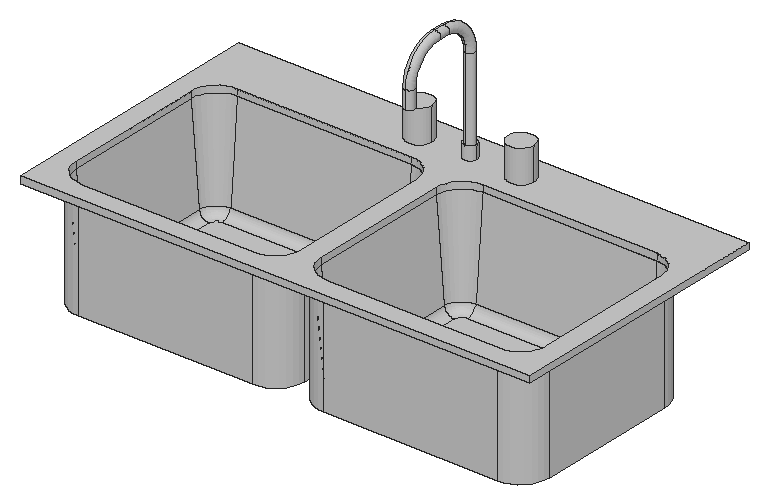
Revit family "M_Pia da cozinha-Dupla", category Peças hidrossanitárias, Revit 2019
Family settings
  Cota do conector redondo = Utilizar diâmetro
  Tipo de parte = Normal
  Número OmniClass = 23.45.05.14.14
  Título OmniClass = Sinks/Lavatories
  ID de item do Seek = Sink Kitchen-Double-0000-CAN-ENU
  Com base no plano de trabalho = Não
  Sempre na vertical = Sim
  Corte com vazios quando carregada = Não
  Compartilhado = Sim
  Ponto de cálculo do ambiente = Não
Parameters (values of type "1000 x 535mm")
  Altura do balcão [instance] = 900 mm
  Linear = 535 mm
  Material hidráulico = Aço, Polido
  Material da pia = Aço, Polido
  Largura = 1000 mm
Reference planes
  plane 1 "Centro (Frente/Trás)": y = -35.755
  plane 2: z = 0
  plane 3 "Centro (Esquerda/Direita)": x = 15.689
  plane 4: y = 269.845
  plane 5: y = -265.155
  plane 6: x = -484.311
  plane 7: x = 515.689
  plane 8 "Topo do balcão": z = 900
  plane 9: z = 912.7
  plane 10: z = 684.1
  plane 11: y = 155.545
  plane 12: x = -446.211
  plane 13: y = -227.055
  plane 14: x = 477.589
  plane 15: x = -84.311
  plane 16: x = 115.689
  plane 17: y = 212.695
  plane 18: y = 212.695
  plane 19: y = 212.695
  plane 20: z = 1163.525
  plane 21: y = 63.47
  plane 22: z = 976.2
  plane 23: z = 938.1
  plane 24: x = -3.361
  plane 25: x = 34.739
  plane 26: x = -215.261
  plane 27: x = 246.639
Forms (mm)
  Extrusion 1, solid, material "Aço, Polido" <- "Material da pia"
    sketch origin (0, 0, 0) x (1, 0, 0) y (0, 1, 0)
      loop
        line (-484.311, 269.845) -> (-484.311, -265.155) -> (515.689, -265.155) -> (515.689, 269.845) -> (-484.311, 269.845)
      loop
        arc (-395.411, 155.545) -> (-431.332, 140.666) -> (-446.211, 104.745) r 50.8
        line (-446.211, 104.745) -> (-446.211, -176.255)
        arc (-446.211, -176.255) -> (-431.332, -212.176) -> (-395.411, -227.055) r 50.8
        line (-395.411, -227.055) -> (-54.161, -227.055)
        arc (-54.161, -227.055) -> (-18.24, -212.176) -> (-3.361, -176.255) r 50.8
        line (-3.361, -176.255) -> (-3.361, 104.745)
        arc (-3.361, 104.745) -> (-18.24, 140.666) -> (-54.161, 155.545) r 50.8
        line (-54.161, 155.545) -> (-395.411, 155.545)
      loop
        arc (426.789, -227.055) -> (462.71, -212.176) -> (477.589, -176.255) r 50.8
        line (477.589, -176.255) -> (477.589, 104.745)
        arc (477.589, 104.745) -> (462.71, 140.666) -> (426.789, 155.545) r 50.8
        line (426.789, 155.545) -> (85.539, 155.545)
        arc (85.539, 155.545) -> (49.618, 140.666) -> (34.739, 104.745) r 50.8
        line (34.739, 104.745) -> (34.739, -176.255)
        arc (34.739, -176.255) -> (49.618, -212.176) -> (85.539, -227.055) r 50.8
        line (85.539, -227.055) -> (426.789, -227.055)
    from 900 to 912.7
  Sweep 2, solid, material "Aço, Polido" <- "Material da pia"
    path origin (0, 0, 0) x (1, 0, 0) y (0, 1, 0)
      loop
        arc (-395.411, 155.545) -> (-431.332, 140.666) -> (-446.211, 104.745) r 50.8
        line (-446.211, 104.745) -> (-446.211, -176.255)
        arc (-446.211, -176.255) -> (-431.332, -212.176) -> (-395.411, -227.055) r 50.8
        line (-395.411, -227.055) -> (-54.161, -227.055)
        arc (-54.161, -227.055) -> (-18.24, -212.176) -> (-3.361, -176.255) r 50.8
        line (-3.361, -176.255) -> (-3.361, 104.745)
        arc (-3.361, 104.745) -> (-18.24, 140.666) -> (-54.161, 155.545) r 50.8
        line (-54.161, 155.545) -> (-395.411, 155.545)
    profile origin (-224.786, 0, 0) x (0, 1, 0) y (0, 0, 1)
      loop
        line (155.545, 900) -> (139.011, 711.015)
        arc (139.011, 711.015) -> (132.904, 698.63) -> (120.034, 693.625) r 19.05
        line (120.034, 693.625) -> (117.445, 693.625) -> (117.445, 684.1) -> (161.895, 684.1) -> (161.895, 900) -> (155.545, 900)
  Extrusion 3, solid, material "Aço, Polido" <- "Material da pia"
    sketch origin (0, 0, 0) x (1, 0, 0) y (0, 1, 0)
      loop
        arc (-395.411, 117.445) -> (-404.391, 113.726) -> (-408.111, 104.745) r 12.7
        line (-408.111, 104.745) -> (-408.111, -176.255)
        arc (-408.111, -176.255) -> (-404.391, -185.235) -> (-395.411, -188.955) r 12.7
        line (-395.411, -188.955) -> (-54.161, -188.955)
        arc (-54.161, -188.955) -> (-45.181, -185.235) -> (-41.461, -176.255) r 12.7
        line (-41.461, -176.255) -> (-41.461, 104.745)
        arc (-41.461, 104.745) -> (-45.181, 113.726) -> (-54.161, 117.445) r 12.7
        line (-54.161, 117.445) -> (-395.411, 117.445)
      loop
        circle (-215.261, -35.755) r 25.4
    from 684.1 to 693.625
  Extrusion 4, solid, material "Aço, Polido" <- "Material hidráulico"
    sketch origin (0, 0, 0) x (1, 0, 0) y (0, 1, 0)
      loop
        circle (-84.311, 212.695) r 25.4
      loop
        circle (115.689, 212.695) r 25.4
    from 912.7 to 976.2
  Sweep 5, solid, material "Aço, Polido" <- "Material hidráulico"
    path origin (15.689, 0, 0) x (0, 1, 0) y (0, 0, 1)
      loop
        line (212.695, 912.7) -> (212.695, 1100.025)
        arc (212.695, 1100.025) -> (194.097, 1144.926) -> (149.195, 1163.525) r 63.5
        line (149.195, 1163.525) -> (126.97, 1163.525)
        arc (126.97, 1163.525) -> (82.069, 1144.926) -> (63.47, 1100.025) r 63.5
        line (63.47, 1100.025) -> (63.47, 1065.1)
    profile origin (15.689, 0, 1006.363) x (0, -1, 0) y (1, 0, 0)
      loop
        circle (-212.695, 0) r 9.525
  Extrusion 6, solid, material "Aço, Polido" <- "Material hidráulico"
    sketch origin (0, 0, 0) x (1, 0, 0) y (0, 1, 0)
      loop
        circle (15.689, 212.695) r 12.7
    from 912.7 to 938.1
  Sweep 7, solid, material "Aço, Polido" <- "Material da pia"
    path origin (31.378, 0, 0) x (-1, 0, 0) y (0, -1, 0)
      loop
        line (-395.411, -155.545) -> (-54.161, -155.545)
        arc (-54.161, -155.545) -> (-18.24, -140.666) -> (-3.361, -104.745) r 50.8
        line (-3.361, -104.745) -> (-3.361, 176.255)
        arc (-3.361, 176.255) -> (-18.24, 212.176) -> (-54.161, 227.055) r 50.8
        line (-54.161, 227.055) -> (-395.411, 227.055)
        arc (-395.411, 227.055) -> (-431.332, 212.176) -> (-446.211, 176.255) r 50.8
        line (-446.211, 176.255) -> (-446.211, -104.745)
        arc (-446.211, -104.745) -> (-431.332, -140.666) -> (-395.411, -155.545) r 50.8
    profile origin (256.164, 0, 0) x (0, -1, 0) y (0, 0, 1)
      loop
        line (-155.545, 900) -> (-161.895, 900) -> (-161.895, 684.1) -> (-117.445, 684.1) -> (-117.445, 693.625) -> (-120.034, 693.625)
        arc (-120.034, 693.625) -> (-132.904, 698.63) -> (-139.011, 711.015) r 19.05
        line (-139.011, 711.015) -> (-155.545, 900)
  Extrusion 8, solid, material "Aço, Polido" <- "Material da pia"
    sketch origin (0, 0, 0) x (1, 0, 0) y (0, 1, 0)
      loop
        arc (85.539, 120.034) -> (76.559, 116.314) -> (72.839, 107.334) r 12.7
        line (72.839, 107.334) -> (72.839, -176.255)
        arc (72.839, -176.255) -> (76.559, -185.235) -> (85.539, -188.955) r 12.7
        line (85.539, -188.955) -> (426.789, -188.955)
        arc (426.789, -188.955) -> (435.769, -185.235) -> (439.489, -176.255) r 12.7
        line (439.489, -176.255) -> (439.489, 107.334)
        arc (439.489, 107.334) -> (435.769, 116.314) -> (426.789, 120.034) r 12.7
        line (426.789, 120.034) -> (85.539, 120.034)
      loop
        circle (246.639, -35.755) r 25.4
    from 684.1 to 693.625
Cuts and joins
  joined: Sweep 5, Extrusion 6
  joined: Sweep 2, Extrusion 3
  joined: Sweep 7, Extrusion 8
Lines and regions (mm)
  Masking region 1
    outline origin (0, 0, 900) x (0, -1, 0) y (1, 0, 0)
      loop
        line (-269.845, -484.311) -> (265.155, -484.311) -> (265.155, 515.689) -> (-269.845, 515.689) -> (-269.845, -484.311)
  symbolic lines
    curve 1: line (-446.211, 104.745, 900) -> (-446.211, -176.255, 900)
    curve 2: line (-395.411, -227.055, 900) -> (-54.161, -227.055, 900)
    curve 3: line (477.589, -176.255, 900) -> (477.589, 104.745, 900)
    curve 4: line (426.789, 155.545, 900) -> (85.539, 155.545, 900)
    curve 5: arc (477.589, 104.745, 900) -> (462.71, 140.666, 900) -> (426.789, 155.545, 900) r 50.8
    curve 6: arc (426.789, -227.055, 900) -> (462.71, -212.176, 900) -> (477.589, -176.255, 900) r 50.8
    curve 7: arc (-446.211, -176.255, 900) -> (-431.332, -212.176, 900) -> (-395.411, -227.055, 900) r 50.8
    curve 8: arc (-395.411, 155.545, 900) -> (-431.332, 140.666, 900) -> (-446.211, 104.745, 900) r 50.8
    curve 9: arc (28.389, 212.695, 900) -> (15.689, 225.395, 900) -> (2.989, 212.695, 900) r 12.7
    curve 10: line (2.989, 212.695, 900) -> (2.989, 15.045, 900)
    curve 11: line (28.389, 212.695, 900) -> (28.389, 15.045, 900)
    curve 12: arc (28.389, 15.045, 900) -> (15.689, 2.345, 900) -> (2.989, 15.045, 900) r 12.7
    curve 13: line (-3.361, 104.745, 900) -> (-3.361, -176.255, 900)
    curve 14: line (34.739, 104.745, 900) -> (34.739, -176.255, 900)
    curve 15: line (85.539, -227.055, 900) -> (426.789, -227.055, 900)
    curve 16: line (-54.161, 155.545, 900) -> (-395.411, 155.545, 900)
    curve 17: arc (85.539, 155.545, 900) -> (49.618, 140.666, 900) -> (34.739, 104.745, 900) r 50.8
    curve 18: arc (34.739, -176.255, 900) -> (49.618, -212.176, 900) -> (85.539, -227.055, 900) r 50.8
    curve 19: arc (-3.361, -176.255, 900) -> (-18.24, -212.176, 900) -> (-54.161, -227.055, 900) r 50.8
    curve 20: arc (-3.361, 104.745, 900) -> (-18.24, 140.666, 900) -> (-54.161, 155.545, 900) r 50.8
    curve 21: arc (-240.661, -35.755, 900) -> (-215.261, -10.355, 900) -> (-189.861, -35.755, 900) r 25.4
    curve 22: arc (-189.861, -35.755, 900) -> (-215.261, -61.155, 900) -> (-240.661, -35.755, 900) r 25.4
    curve 23: arc (221.239, -35.755, 900) -> (246.639, -10.355, 900) -> (272.039, -35.755, 900) r 25.4
    curve 24: arc (272.039, -35.755, 900) -> (246.639, -61.155, 900) -> (221.239, -35.755, 900) r 25.4
    curve 25: arc (-58.911, 212.695, 900) -> (-84.311, 238.095, 900) -> (-109.711, 212.695, 900) r 25.4
    curve 26: arc (-109.711, 212.695, 900) -> (-84.311, 187.295, 900) -> (-58.911, 212.695, 900) r 25.4
    curve 27: arc (141.089, 212.695, 900) -> (115.689, 238.095, 900) -> (90.289, 212.695, 900) r 25.4
    curve 28: arc (90.289, 212.695, 900) -> (115.689, 187.295, 900) -> (141.089, 212.695, 900) r 25.4
Dimensions and locks
  equal spacing: plane 6, plane 3 "Centro (Esquerda/Direita)", plane 7
  "Largura": plane 6 to plane 7
  "Linear": plane 5 to plane 4
  "Altura do balcão": plane 8 "Topo do balcão" to plane 2
  locked: plane 9 to plane 8 "Topo do balcão" at 12.7
  locked: plane 8 "Topo do balcão" to plane 10 at 215.9
  locked: plane 6 to plane 12 at 38.1
  locked: plane 14 to plane 7 at 38.1
  locked: plane 11 to plane 4 at 114.3
  locked: plane 5 to plane 13 at 38.1
  equal spacing: plane 11, plane 17, plane 4
  equal spacing: plane 11, plane 18, plane 4
  equal spacing: plane 4, plane 19, plane 11
  locked: plane 19 to plane 21 at 149.225
  locked: plane 20 to plane 9 at 250.825
  locked: plane 22 to plane 9 at 63.5
  locked: plane 23 to plane 9 at 25.4
  plane 24 to plane 3 "Centro (Esquerda/Direita)" to plane 25 = 19.05 mm locked, 19.05 mm locked
  equal spacing: plane 12, plane 26, plane 3 "Centro (Esquerda/Direita)"
  equal spacing: plane 3 "Centro (Esquerda/Direita)", plane 27, plane 14
  equal spacing: plane 13, plane 1 "Centro (Frente/Trás)", plane 11
  locked: plane 15 to plane 3 "Centro (Esquerda/Direita)" at 100
  locked: plane 3 "Centro (Esquerda/Direita)" to plane 16 at 100
  aligned and locked: Extrusion 1 sketch curve to plane 5
  aligned and locked: plane 7 to Extrusion 1 sketch curve
  aligned and locked: plane 4 to Extrusion 1 sketch curve
  aligned and locked: Extrusion 1 sketch curve to plane 6
  aligned and locked: plane 8 "Topo do balcão" to Extrusion 1
  aligned and locked: Extrusion 1 to plane 9
  aligned and locked: plane 11 to Extrusion 1 sketch curve
  aligned and locked: plane 14 to Extrusion 1 sketch curve
  aligned and locked: Extrusion 1 sketch curve to plane 12
  aligned and locked: Extrusion 1 sketch curve to plane 13
  aligned and locked: plane 11 to Sweep 2 sketch curve
  aligned and locked: Sweep 2 sketch curve to plane 12
  aligned and locked: Sweep 2 sketch curve to plane 13
  aligned and locked: Sweep 2 to Extrusion 3 sketch curve  (x4)
  aligned and locked: plane 10 to Extrusion 3
  aligned and locked: Sweep 2 sketch curve to plane 10
  aligned and locked: plane 8 "Topo do balcão" to Sweep 2 sketch curve
  aligned and locked: Extrusion 4 to Extrusion 1
  aligned and locked: Extrusion 6 to Extrusion 1
  aligned and locked: Sweep 5 sketch curve to plane 19
  aligned and locked: plane 20 to Sweep 5 sketch curve
  aligned and locked: plane 21 to Sweep 5 sketch curve
  aligned and locked: Extrusion 4 to plane 22
  aligned and locked: Extrusion 6 to plane 23
  aligned and locked: Sweep 2 sketch curve to Extrusion 1
  aligned and locked: Sweep 7 sketch curve to plane 14
  aligned and locked: Sweep 7 sketch curve to Extrusion 1
  aligned and locked: Sweep 7 sketch curve to plane 11
  aligned and locked: plane 13 to Sweep 7 sketch curve
  aligned and locked: Extrusion 8 to Sweep 2
  aligned and locked: plane 10 to Extrusion 8
  aligned and locked: curve 21 to Extrusion 3
  aligned and locked: curve 23 to Extrusion 8
  aligned and locked: Extrusion 8 sketch curve to Sweep 7
  aligned and locked: Sweep 7 sketch curve to plane 8 "Topo do balcão"
  aligned and locked: plane 10 to Sweep 7 sketch curve
  aligned and locked: plane 7 to Masking region 1 sketch curve
  aligned and locked: plane 4 to Masking region 1 sketch curve
  aligned and locked: Masking region 1 sketch curve to plane 6
  aligned and locked: Masking region 1 sketch curve to plane 5
  aligned and locked: plane 15 to Extrusion 4 sketch curve
  aligned and locked: plane 17 to Extrusion 4 sketch curve  (x2)
  aligned and locked: plane 16 to Extrusion 4 sketch curve
  aligned and locked: curve 25 to Extrusion 4
  aligned and locked: curve 27 to Extrusion 4
  aligned and locked: Sweep 7 to Extrusion 3
Automatic sketch dimensions
  Sweep 2 sketch curve to profile plane = 0 mm
  profile plane to Sweep 2 sketch curve = 16.534 mm
  Sweep 2 sketch curve to Sweep 2 sketch curve = 18.978 mm
  Sweep 2 sketch curve to Sweep 2 sketch curve = 2.588 mm
  Sweep 2 sketch curve to profile plane = 6.35 mm
  Sweep 2 sketch curve to Sweep 2 sketch curve = 9.525 mm
  Sweep 2 sketch curve to Sweep 2 sketch curve = 17.39 mm
  plane 15 to Extrusion 4 sketch curve = 25.4 mm
  plane 16 to Extrusion 4 sketch curve = 25.4 mm
  Sweep 5 sketch curve to plane 3 "Centro (Esquerda/Direita)" = 0 mm
  Sweep 5 sketch curve to profile plane = 0 mm
  profile plane to Sweep 5 sketch curve = 9.525 mm
  Extrusion 6 sketch curve to plane 18 = 0 mm
  Extrusion 6 sketch curve to plane 3 "Centro (Esquerda/Direita)" = 0 mm
  Extrusion 6 sketch curve to plane 3 "Centro (Esquerda/Direita)" = 12.7 mm
  Sweep 5 sketch curve to plane 9 = 0 mm
  Sweep 5 sketch curve to Sweep 5 sketch curve = 63.5 mm
  plane 11 to Sweep 5 sketch curve = 6.35 mm
  Sweep 5 sketch curve to Sweep 5 sketch curve = 34.925 mm
  Extrusion 1 sketch curve to plane 13 = 0 mm
  Extrusion 1 sketch curve to plane 24 = 0 mm
  Extrusion 1 sketch curve to plane 25 = 0 mm
  Extrusion 1 sketch curve to plane 11 = 0 mm
  Extrusion 1 sketch curve to plane 12 = 50.8 mm  (x2)
  Extrusion 1 sketch curve to plane 3 "Centro (Esquerda/Direita)" = 69.85 mm  (x2)
  plane 3 "Centro (Esquerda/Direita)" to Extrusion 1 sketch curve = 69.85 mm  (x2)
  plane 14 to Extrusion 1 sketch curve = 50.8 mm
  Extrusion 1 sketch curve to Extrusion 1 sketch curve = 50.8 mm
  Sweep 2 sketch curve to plane 12 = 50.8 mm  (x2)
  Sweep 2 sketch curve to plane 3 "Centro (Esquerda/Direita)" = 69.85 mm  (x2)
  plane 14 to Sweep 7 sketch curve = 50.8 mm  (x2)
  Sweep 7 sketch curve to Sweep 7 sketch curve = 50.8 mm
  plane 3 "Centro (Esquerda/Direita)" to Sweep 7 sketch curve = 69.85 mm
  Extrusion 3 sketch curve to plane 1 "Centro (Frente/Trás)" = 0 mm
  Extrusion 3 sketch curve to plane 26 = 0 mm
  Extrusion 3 sketch curve to Extrusion 3 sketch curve = 12.7 mm  (x4)
  plane 26 to Extrusion 3 sketch curve = 25.4 mm
  Extrusion 8 sketch curve to plane 1 "Centro (Frente/Trás)" = 0 mm
  Extrusion 8 sketch curve to plane 27 = 0 mm
  plane 27 to Extrusion 8 sketch curve = 25.4 mm
  plane 3 "Centro (Esquerda/Direita)" to Extrusion 8 sketch curve = 69.85 mm  (x2)
  Extrusion 8 sketch curve to Extrusion 8 sketch curve = 12.7 mm  (x2)
  plane 11 to Extrusion 8 sketch curve = 48.212 mm
  Extrusion 8 sketch curve to plane 13 = 50.8 mm
  plane 7 to Extrusion 8 sketch curve = 88.9 mm
  Sweep 7 sketch curve to profile plane = 0 mm
  profile plane to Sweep 7 sketch curve = 6.35 mm
  Sweep 7 sketch curve to profile plane = 16.534 mm
  Sweep 7 sketch curve to Sweep 7 sketch curve = 18.978 mm
  Sweep 7 sketch curve to Sweep 7 sketch curve = 2.588 mm
  Sweep 7 sketch curve to Sweep 7 sketch curve = 1.66 mm
  Sweep 7 sketch curve to Sweep 7 sketch curve = 26.915 mm
  curve 17 to plane 11 = 0 mm
  curve 8 to plane 11 = 0 mm
  curve 5 to plane 14 = 0 mm
  curve 1 to plane 12 = 0 mm
  curve 12 to plane 3 "Centro (Esquerda/Direita)" = 0 mm
  curve 2 to plane 13 = 0 mm
  curve 18 to plane 13 = 0 mm
  plane 4 to curve 11 = 57.15 mm
  plane 11 to curve 5 = 50.8 mm
  plane 11 to curve 8 = 50.8 mm
  curve 13 to plane 3 "Centro (Esquerda/Direita)" = 19.05 mm
  curve 14 to curve 13 = 0 mm
  curve 11 to plane 1 "Centro (Frente/Trás)" = 50.8 mm
  plane 3 "Centro (Esquerda/Direita)" to curve 14 = 19.05 mm
  curve 14 to plane 13 = 50.8 mm
  curve 13 to curve 14 = 0 mm
  curve 1 to plane 13 = 50.8 mm
  curve 6 to plane 13 = 50.8 mm
  curve 9 to plane 3 "Centro (Esquerda/Direita)" = 12.7 mm
  curve 4 to curve 27 = 4.75 mm
